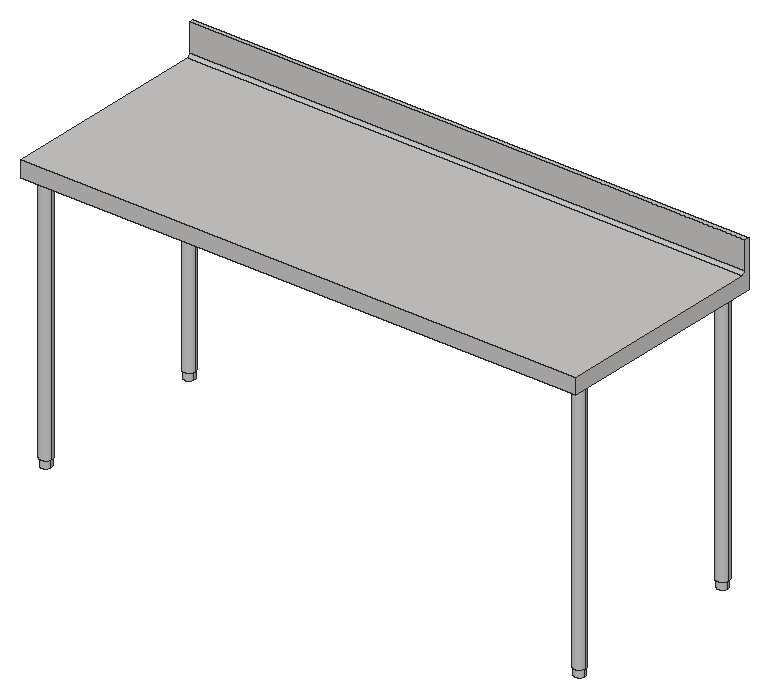
Revit family "QF_ELECTROLUXPROFESSIONAL_133058_TG1810EN", category Attrezzature speciali, Revit 2020
Family settings
  Quota connettore circolare = Usa diametro
  Tipo di parte = Normale
  Basato su piano di lavoro = No
  Sempre verticale = Sì
  Taglio con vuoti quando caricato = No
  Condiviso = No
  Punto di calcolo locali = No
Parameters (values of type "Standard")
  Weight = 54.00 kg
  Watts = 0 W
  Volts = 0 V
  URL Manufacturer = "https://www.electroluxprofessional.com/"
  URL = "https://www.electroluxprofessional.com/"
  Steam Supply Size = 0 mm
  Steam Supply Minimum Pressure = 0.0 Pa
  Steam Supply Maximum Pressure = 0.0 Pa
  Steam Consumption per Hour = 0
  Refrigeration Suction Line Size = 0.0 mm
  Refrigeration Liquid Line Size = 0.0 mm
  Refrigerant Compressor Remote = yes
  Prospetto di default = 0.0 mm
  Produttore = "Electrolux Professional"
  Phase = 0
  Modello = "TG1810EN"
  Length Actual = 1800.0 mm  # constant formula
  Item Number = "133058"
  Hot Water Size = 0 mm
  Height Actual = 900.0 mm  # constant formula
  HP = "0 HP"
  Gas Size = 0 mm
  Gas KW = 0
  Gas Input Pressure = 0 W
  Direct Waste Size = 0 mm
  Descrizione = "WORK TABLE WITH UPSTAND 1800 MM"
  Depth Actual = 700.0 mm  # constant formula
  Cycle = 0 Hz
  Condensate Return Size = 0 mm
  Compressed Air Volume = 0.0 L/s
  Compressed Air Size = 0 mm
  Compressed Air Pressure = 0.0 Pa
  Cold Water Size = 0 mm
  Accessory = yes
Reference planes
  plane 1 "Center (Front/Back)": y = 0
  plane 2: z = 0
  plane 3 "Center (Left/Right)": x = -400
  plane 4 "LEFT": x = -1300
  plane 5 "RIGHT": x = 500
  plane 6 "BACK": y = 350
  plane 7 "FRONT": y = -350
  plane 8 "Base": z = 850
  plane 9 "TOP": z = 900
  plane 10: x = -1264.5
  plane 11: x = 464.5
  plane 12: y = 290
  plane 13: y = -290
Forms (mm)
  Extrusion 1, solid, material "QF_Finishes_Stainless Steel"
    sketch origin (-400, 0, 0) x (0, 1, 0) y (0, 0, 1)
      loop
        line (-350, 850) -> (350, 850) -> (350, 1000) -> (337, 1000) -> (337, 910)
        arc (337, 910) -> (334.071, 902.929) -> (327, 900) r 10
        line (327, 900) -> (-350, 900) -> (-350, 850)
    from 900 to -900
Lines and regions (mm)
  symbolic lines
    curve 1: line (500, 350, 900) -> (-1300, 350, 900)
    curve 2: line (-1300, 350, 900) -> (-1300, -350, 900)
    curve 3: line (-1300, -350, 900) -> (500, -350, 900)
    curve 4: line (500, -350, 900) -> (500, 350, 900)
    curve 5: line (500, 337, 900) -> (-1300, 337, 900)
Dimensions and locks
  plane 4 "LEFT" to plane 5 "RIGHT" = 1800.0 mm
  equal spacing: plane 4 "LEFT", plane 3 "Center (Left/Right)", plane 5 "RIGHT"
  locked: plane 8 "Base" to level at 850
  plane 4 "LEFT" to plane 10 = 35.5 mm
  plane 11 to plane 5 "RIGHT" = 35.5 mm
  plane 10 to plane 11 = 1729.0 mm
  locked: Extrusion 1 to level at 1000
  plane 9 "TOP" to level = 900.0 mm
  plane 6 "BACK" to plane 12 = 60.0 mm
  plane 13 to plane 7 "FRONT" = 60.0 mm
  plane 6 "BACK" to plane 7 "FRONT" = 700.0 mm
  plane 12 to plane 13 = 580.0 mm
  equal spacing: plane 6 "BACK", plane 1 "Center (Front/Back)", plane 7 "FRONT"
  aligned and locked: level to plane 2
  aligned and locked: plane 10 to nested 1
  aligned and locked: nested 1 to plane 13
  aligned and locked: plane 11 to nested 2
  aligned and locked: nested 2 to plane 13
  aligned and locked: plane 11 to nested 4
  aligned and locked: nested 4 to plane 12
  aligned and locked: plane 10 to nested 3
  aligned and locked: nested 3 to plane 12
  aligned and locked: Extrusion 1 to plane 4 "LEFT"
  aligned and locked: plane 5 "RIGHT" to Extrusion 1
  aligned and locked: curve 2 to plane 4 "LEFT"
Automatic sketch dimensions
  Extrusion 1 sketch curve to plane 7 "FRONT" = 0.0 mm
  Extrusion 1 sketch curve to plane 9 "TOP" = 0.0 mm
  Extrusion 1 sketch curve to plane 6 "BACK" = 0.0 mm
  Extrusion 1 sketch curve to plane 8 "Base" = 0.0 mm
  plane 9 "TOP" to Extrusion 1 sketch curve = 10.0 mm
  Extrusion 1 sketch curve to plane 6 "BACK" = 13.0 mm
  Extrusion 1 sketch curve to Extrusion 1 sketch curve = 90.0 mm
  curve 3 to plane 7 "FRONT" = 0.0 mm
  curve 5 to plane 5 "RIGHT" = 0.0 mm
  curve 4 to plane 6 "BACK" = 0.0 mm
  curve 5 to plane 6 "BACK" = 13.0 mm
Nested families
  nested 1: "FEET_D40" at (-1264.5, -290, 0), type "FEET_D40"
  nested 2: "FEET_D40" at (464.5, -290, 0), type "FEET_D40"
  nested 3: "FEET_D40" at (-1264.5, 290, 0), type "FEET_D40"
  nested 4: "FEET_D40" at (464.5, 290, 0), type "FEET_D40"
Definition of nested family "FEET_D40"
  Parameters
    Default Elevation = 0.0 mm
    FEET = 850.0 mm
  Reference planes
    plane 1 "Center (Front/Back)": y = 0
    plane 2: z = 0
    plane 3 "Center (Left/Right)": x = 0
    plane 4: z = 850
  Forms (mm)
    Extrusion 1, solid
      sketch origin (0, 0, 0) x (1, 0, 0) y (0, 1, 0)
        loop
          circle (0, 0.002) r 20
      from 25 to 845
    Extrusion 2, solid
      sketch origin (0, 0, 0) x (1, 0, 0) y (0, 1, 0)
        loop
          circle (0, 0) r 16
      from 0 to 25
    Extrusion 3, solid
      sketch origin (0, 0, 0) x (1, 0, 0) y (0, 1, 0)
        loop
          circle (0, 0.002) r 30
      from 845 to 850
  Lines and regions (mm)
    symbolic lines
      curve 1: line (0, -1.503, 0) -> (0, 1.508, 0)
      curve 2: line (1.561, 0, 0) -> (-1.439, 0, 0)
  Dimensions and locks
    "FEET": plane 4 to plane 2
    aligned and locked: level to plane 2
  Automatic sketch dimensions
    plane 1 "Center (Front/Back)" to Extrusion 2 sketch curve = 0.0 mm
    Extrusion 2 sketch curve to plane 3 "Center (Left/Right)" = 0.0 mm
    plane 1 "Center (Front/Back)" to curve 2 = 0.0 mm
    curve 1 to plane 3 "Center (Left/Right)" = 0.0 mm
    curve 2 to plane 3 "Center (Left/Right)" = 1.439 mm
    plane 3 "Center (Left/Right)" to curve 2 = 1.561 mm
    plane 1 "Center (Front/Back)" to curve 1 = 1.503 mm
    curve 1 to plane 1 "Center (Front/Back)" = 1.508 mm
    Extrusion 1 sketch curve to plane 3 "Center (Left/Right)" = 0.0 mm
    Extrusion 1 sketch curve to plane 1 "Center (Front/Back)" = 0.002 mm
    Extrusion 3 sketch curve to plane 3 "Center (Left/Right)" = 0.0 mm
    Extrusion 3 sketch curve to plane 1 "Center (Front/Back)" = 0.002 mm
    radius of Extrusion 2 sketch curve = 16.0 mm
    radius of Extrusion 1 sketch curve = 20.0 mm
    radius of Extrusion 3 sketch curve = 30.0 mm
